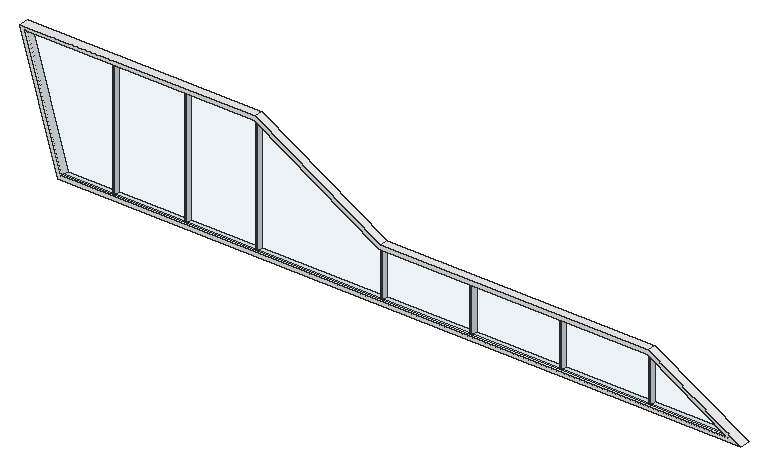
Revit family
Parameters (values of type "표준")
  Height = 2100 mm
  유리 = 유리
  프레임 = 1층 정면창 프레임
  하단 높이 = 900 mm
  프레임 폭 = 30 mm
  창프레임 = ""
  창철물 = ""
  창유리/마감 = ""
  창위치/개소 = ""
  창부호 = "1/ACW"
  창번호 = "1"
  창기호 = "ACW"
  Assembly Code = ""
  Wall Closure = (empty or 0)
Reference planes
  plane 1: y = 0
  plane 2 "중심(왼쪽/오른쪽)": x = 0
  plane 3 "씰": z = 0
  plane 4 "헤드": z = 2100
  plane 5 "외부": y = 150
  plane 6 "내부": y = -150
  plane 7: z = 0
  plane 8: x = -5198.895
  plane 9: z = 900
  plane 10: y = -95
  plane 11: y = -120
  plane 12: x = 2346.105
  plane 13: x = 2316.105
  plane 14: x = 846.105
  plane 15: x = 816.105
  plane 16: x = -3683.895
  plane 17: x = -3653.895
  plane 18: x = 6906.135
  plane 19: x = -3668.895
  plane 20: y = -150
  plane 21: y = -5
  plane 22: y = 0
  plane 23: x = 3831.105
  plane 24: x = 2331.105
  plane 25: x = 831.105
  plane 26: x = -2468.895
  plane 27: x = 8106.135
  plane 28: z = 2400
  plane 29: z = -300
  plane 30: x = -8623.895
  plane 31: x = 5331.105
  plane 32: x = -1268.895
Forms (mm)
  Extrusion 1, solid, material "1층 정면창 프레임" <- "프레임"
    sketch origin (-5000, -150, -200) x (1, 0, 0) y (0, 0, 1)
      loop
        line (-198.895, 2300) -> (431.538, 200) -> (11906.135, 200) -> (10331.105, 1100) -> (5831.105, 1100) -> (3731.105, 2300) -> (-198.895, 2300)
      loop
        line (-118.237, 2240) -> (476.171, 260) -> (11680.198, 260) -> (10315.172, 1040) -> (5815.171, 1040) -> (3715.171, 2240) -> (-118.237, 2240)
    from 0 to -150
  Extrusion 2, solid, material "1층 정면창 프레임" <- "프레임"
    sketch origin (0, 0, -200) x (1, 0, 0) y (0, 1, 0)
      loop
        line (-3653.895, -95) -> (-3653.895, -5) -> (-3683.895, -5) -> (-3683.895, -95) -> (-3653.895, -95)
    from 260 to 2240
  Extrusion 3, solid, material "1층 정면창 프레임" <- "프레임"
    sketch origin (2426.395, 0, -200) x (1, 0, 0) y (0, 1, 0)
      loop
        line (-4910.29, -95) -> (-4880.29, -95) -> (-4880.29, -5) -> (-4910.29, -5) -> (-4910.29, -95)
    from 260 to 2240
  Extrusion 4, solid, material "1층 정면창 프레임" <- "프레임"
    sketch origin (5130.982, 0, -200) x (1, 0, 0) y (0, 1, 0)
      loop
        line (-6414.876, -95) -> (-6384.876, -95) -> (-6384.876, -5) -> (-6414.876, -5) -> (-6414.876, -95)
    from 260 to 2280
  Extrusion 5, solid, material "1층 정면창 프레임" <- "프레임"
    sketch origin (7426.904, 0, -200) x (1, 0, 0) y (0, 1, 0)
      loop
        line (-6610.799, -95) -> (-6580.799, -95) -> (-6580.799, -5) -> (-6610.799, -5) -> (-6610.799, -95)
    from 260 to 1040
  Extrusion 6, solid, material "1층 정면창 프레임" <- "프레임"
    sketch origin (9365.427, 0, -200) x (1, 0, 0) y (0, 1, 0)
      loop
        line (-7049.322, -95) -> (-7019.322, -95) -> (-7019.322, -5) -> (-7049.322, -5) -> (-7049.322, -95)
    from 260 to 1040
  Extrusion 7, solid, material "1층 정면창 프레임" <- "프레임"
    sketch origin (10903.95, 0, -200) x (1, 0, 0) y (0, 1, 0)
      loop
        line (-7087.845, -95) -> (-7057.845, -95) -> (-7057.845, -5) -> (-7087.845, -5) -> (-7087.845, -95)
    from 260 to 1040
  Extrusion 8, solid, material "1층 정면창 프레임" <- "프레임"
    sketch origin (12782.473, 0, -200) x (1, 0, 0) y (0, 1, 0)
      loop
        line (-7466.368, -95) -> (-7436.368, -95) -> (-7436.368, -5) -> (-7466.368, -5) -> (-7466.368, -95)
    from 260 to 1040
  Extrusion 9, solid, material "유리" <- "유리"
    sketch origin (8670.094, -120, 800) x (1, 0, 0) y (0, 0, 1)
      loop
        line (-13788.331, 1240) -> (-13193.923, -740) -> (-12338.988, -740) -> (-12338.988, 1240) -> (-13788.331, 1240)
      loop
        line (-11138.988, 1240) -> (-11138.988, -740) -> (-9938.988, -740) -> (-9938.988, 1240) -> (-11138.988, 1240)
      loop
        line (-3338.988, -740) -> (-3338.988, 30.895) -> (-3354.922, 40) -> (-3578.122, 40) -> (-4838.988, 40) -> (-4838.988, -740) -> (-3338.988, -740)
      loop
        line (-7838.988, -740) -> (-6338.988, -740) -> (-6338.988, 40) -> (-7838.988, 40) -> (-7838.988, -740)
    from -25 to 0
  Extrusion 10, solid, material "유리" <- "유리"
    sketch origin (8670.094, -120, 800) x (1, 0, 0) y (0, 0, 1)
      loop
        line (-12338.988, 1240) -> (-12338.988, -740) -> (-11138.988, -740) -> (-11138.988, 1240) -> (-12338.988, 1240)
      loop
        line (-1989.896, -740) -> (-3338.988, 30.895) -> (-3338.988, -740) -> (-1989.896, -740)
      loop
        line (-7838.988, 40) -> (-7854.922, 40) -> (-9938.988, 1230.895) -> (-9938.988, -740) -> (-7838.988, -740) -> (-7838.988, 40)
      loop
        line (-6338.988, -740) -> (-4838.988, -740) -> (-4838.988, 40) -> (-6338.988, 40) -> (-6338.988, -740)
    from -25 to 0
Cuts and joins
  joined: Extrusion 1, Extrusion 2, Extrusion 3, Extrusion 4, Extrusion 5, Extrusion 6, Extrusion 7, Extrusion 8
Lines and regions (mm)
  Opening 1
    outline origin (3500, -150, -200) x (1, 0, 0) y (0, 0, 1)
      loop
        line (3406.135, 200) -> (1831.105, 1100) -> (-2668.895, 1100) -> (-4768.895, 2300) -> (-8698.895, 2300) -> (-8068.462, 200) -> (3406.135, 200)
  symbolic lines
    curve 1: line (6911.135, 150, 2105) -> (-5203.895, 150, 2105)
    curve 2: line (-5193.895, 150, 2095) -> (-5193.895, 150, 5)
    curve 3: line (-5198.895, 150, 2400) -> (-5198.895, 150, -300)
    curve 4: line (-5203.895, 150, 2105) -> (-5203.895, 150, -5)
    curve 5: line (8106.135, 150, 2100) -> (-8623.895, 150, 2100)
    curve 6: line (6901.135, 150, 2095) -> (-5193.895, 150, 2095)
    curve 7: line (6901.135, 150, 2095) -> (6901.135, 150, 5)
    curve 8: line (6906.135, 150, 2400) -> (6906.135, 150, -300)
    curve 9: line (6911.135, 150, 2105) -> (6911.135, 150, -5)
    curve 10: line (6911.135, 150, -5) -> (-5203.895, 150, -5)
    curve 11: line (8106.135, 150, 0) -> (-8623.895, 150, 0)
    curve 12: line (6901.135, 150, 5) -> (-5193.895, 150, 5)
Text (mm)
  text "외부" at (-1963.203, 1332.353, 0), in view "참조 레벨"
  text "내부" at (-1981.466, -818.386, 0), in view "참조 레벨"
  text "외부" at (0, 923.751, 2943.296), in view "오른쪽"
  text "외부" at (0, 1040.484, 2685.409), in view "왼쪽"
Dimensions and locks
  "Height": plane 3 "씰" to plane 4 "헤드"
  plane 3 "씰" to level = 0 mm
  locked: plane 5 "외부" to host wall at 0
  locked: plane 6 "내부" to host wall
  "하단 높이": plane 7 to plane 9
  "프레임 폭": plane 13 to plane 12
  "프레임 폭": plane 15 to plane 14
  locked: plane 20 to plane 6 "내부" at 0
  locked: plane 6 "내부" to plane 11 at 30
  locked: plane 11 to plane 10 at 25
  locked: plane 10 to plane 21 at 90
  locked: plane 22 to plane 20 at 150
  curve 6 to curve 5 to curve 1 = 5 mm locked, 5 mm locked
  curve 2 to curve 3 to curve 4 = 5 mm locked, 5 mm locked
  curve 7 to curve 8 to curve 9 = 5 mm locked, 5 mm locked
  curve 12 to curve 11 to curve 10 = 5 mm locked, 5 mm locked
  cut or joined group 1 (Extrusion 1, Extrusion 2, Extrusion 3, Extrusion 4, Extrusion 5, Extrusion 6, Extrusion 7, Extrusion 8) to plane 31 to cut or joined group 1 = 15 mm, 15 mm
  locked: curve 8 to plane 31 at 1575.03
  locked: cut or joined group 1 to cut or joined group 1 at 60  (x2)
  locked: plane 31 to plane 23 at 1500
  locked: plane 24 to plane 23 at 1500
  locked: plane 25 to plane 24 at 1500
  locked: plane 32 to plane 25 at 2100
  plane 19 to plane 26 = 1200 mm
  curve 8 to plane 8 = 12105.03 mm
  locked: plane 19 to plane 8 at 1530
  curve 8 to host wall = 11474.598 mm
  plane 18 to plane 8 = 12105.03 mm
  locked: plane 19 to plane 17 at 15
  locked: plane 19 to plane 16 at 15
  plane 32 to plane 26 = 1200 mm
  angle cut or joined group 1 to plane 8 = 16.7101°
  aligned and locked: Opening 1 sketch curve to plane 4 "헤드"
  aligned and locked: plane 7 to Extrusion 1 sketch curve
  aligned and locked: plane 9 to Extrusion 1 sketch curve
  aligned and locked: plane 4 "헤드" to Extrusion 1 sketch curve
  aligned and locked: plane 8 to Extrusion 1 sketch curve
  aligned and locked: plane 18 to Extrusion 1 sketch curve
  aligned and locked: plane 17 to Extrusion 2 sketch curve
  aligned and locked: Extrusion 2 sketch curve to plane 16
  aligned and locked: Extrusion 2 to Extrusion 1
  aligned and locked: Extrusion 7 to Extrusion 1
  aligned and locked: Extrusion 6 to Extrusion 1
  aligned and locked: Extrusion 1 to plane 20
  aligned and locked: plane 10 to Extrusion 2 sketch curve
  aligned and locked: Extrusion 2 sketch curve to plane 21
  aligned and locked: Extrusion 3 to plane 21
  aligned and locked: plane 10 to Extrusion 3
  aligned and locked: Extrusion 4 to plane 21
  aligned and locked: plane 10 to Extrusion 4
  aligned and locked: Extrusion 5 to plane 21
  aligned and locked: plane 10 to Extrusion 5
  aligned and locked: Extrusion 6 to plane 21
  aligned and locked: plane 10 to Extrusion 6
  aligned and locked: Extrusion 7 to plane 21
  aligned and locked: plane 10 to Extrusion 7
  aligned and locked: Extrusion 8 to plane 21
  aligned and locked: plane 10 to Extrusion 8
  aligned and locked: Extrusion 1 to plane 22
  aligned and locked: curve 3 to plane 8
  aligned and locked: Extrusion 1 to Extrusion 8
  aligned and locked: Extrusion 5 to Extrusion 1
  aligned and locked: Extrusion 3 to Extrusion 1
Automatic sketch dimensions
  Extrusion 4 sketch curve to plane 21 = 0 mm
  Extrusion 4 sketch curve to plane 10 = 0 mm
  Extrusion 4 sketch curve to plane 32 = 15 mm
  plane 32 to Extrusion 4 sketch curve = 15 mm
  Extrusion 5 sketch curve to plane 15 = 0 mm
  Extrusion 5 sketch curve to plane 14 = 0 mm
  Extrusion 5 sketch curve to plane 10 = 0 mm
  Extrusion 5 sketch curve to plane 21 = 0 mm
  Extrusion 3 sketch curve to plane 21 = 0 mm
  Extrusion 3 sketch curve to plane 10 = 0 mm
  plane 26 to Extrusion 3 sketch curve = 15 mm
  Extrusion 3 sketch curve to plane 26 = 15 mm
  Extrusion 6 sketch curve to plane 13 = 0 mm
  Extrusion 6 sketch curve to plane 12 = 0 mm
  Extrusion 6 sketch curve to plane 10 = 0 mm
  Extrusion 6 sketch curve to plane 21 = 0 mm
  Extrusion 7 sketch curve to plane 21 = 0 mm
  Extrusion 7 sketch curve to plane 10 = 0 mm
  plane 23 to Extrusion 7 sketch curve = 15 mm
  Extrusion 7 sketch curve to plane 23 = 15 mm
  Opening 1 sketch curve to plane 8 = 0 mm
  Opening 1 sketch curve to level = 0 mm
  Opening 1 sketch curve to plane 32 = 0 mm
  Opening 1 sketch curve to plane 9 = 0 mm
  Opening 1 sketch curve to plane 25 = 0 mm
  Opening 1 sketch curve to plane 31 = 0 mm
  Opening 1 sketch curve to plane 18 = 0 mm
  Opening 1 sketch curve to plane 8 = 630.433 mm
  Extrusion 1 sketch curve to plane 32 = 0 mm
  Extrusion 1 sketch curve to plane 25 = 0 mm
  Extrusion 1 sketch curve to plane 31 = 0 mm
  Extrusion 1 sketch curve to plane 8 = 80.658 mm
  Extrusion 1 sketch curve to plane 8 = 630.433 mm
  level to Extrusion 1 sketch curve = 60 mm
  Extrusion 1 sketch curve to Extrusion 1 sketch curve = 44.633 mm
  Extrusion 1 sketch curve to plane 32 = 15.934 mm
  plane 15 to Extrusion 1 sketch curve = 0.934 mm
  Extrusion 1 sketch curve to plane 31 = 15.934 mm
  Extrusion 1 sketch curve to plane 18 = 225.938 mm
  plane 9 to Extrusion 1 sketch curve = 60 mm
  plane 4 "헤드" to Extrusion 1 sketch curve = 60 mm
  Extrusion 8 sketch curve to plane 21 = 0 mm
  Extrusion 8 sketch curve to plane 10 = 0 mm
  Extrusion 8 sketch curve to plane 31 = 15 mm
  plane 31 to Extrusion 8 sketch curve = 15 mm
  Extrusion 9 sketch curve to plane 19 = 0 mm
  Extrusion 9 sketch curve to plane 26 = 0 mm
  Extrusion 9 sketch curve to plane 32 = 0 mm
  Extrusion 9 sketch curve to plane 25 = 0 mm
  Extrusion 9 sketch curve to plane 24 = 0 mm
  Extrusion 9 sketch curve to plane 23 = 0 mm
  Extrusion 9 sketch curve to plane 31 = 0 mm
  level to Extrusion 9 sketch curve = 60 mm  (x4)
  Extrusion 9 sketch curve to plane 8 = 675.066 mm
  Extrusion 9 sketch curve to plane 8 = 80.658 mm
  plane 9 to Extrusion 9 sketch curve = 60 mm  (x2)
  Extrusion 9 sketch curve to plane 31 = 239.134 mm
  Extrusion 9 sketch curve to plane 31 = 15.934 mm
  Extrusion 9 sketch curve to Extrusion 9 sketch curve = 9.105 mm
  plane 4 "헤드" to Extrusion 9 sketch curve = 60 mm  (x2)
  Extrusion 10 sketch curve to plane 19 = 0 mm
  Extrusion 10 sketch curve to plane 26 = 0 mm
  Extrusion 10 sketch curve to plane 32 = 0 mm
  Extrusion 10 sketch curve to plane 25 = 0 mm
  Extrusion 10 sketch curve to plane 24 = 0 mm
  Extrusion 10 sketch curve to plane 23 = 0 mm
  Extrusion 10 sketch curve to plane 31 = 0 mm
  plane 15 to Extrusion 10 sketch curve = 0.934 mm
  level to Extrusion 10 sketch curve = 60 mm  (x4)
  Extrusion 10 sketch curve to plane 18 = 225.938 mm
  plane 9 to Extrusion 10 sketch curve = 69.105 mm
  plane 9 to Extrusion 10 sketch curve = 60 mm  (x2)
  plane 4 "헤드" to Extrusion 10 sketch curve = 69.105 mm
  plane 4 "헤드" to Extrusion 10 sketch curve = 60 mm
  curve 5 to plane 4 "헤드" = 0 mm
  curve 5 to plane 30 = 0 mm
  curve 11 to level = 0 mm
  curve 11 to plane 30 = 0 mm
  curve 5 to plane 27 = 0 mm
  curve 11 to plane 27 = 0 mm
  curve 3 to plane 29 = 0 mm
  curve 8 to plane 29 = 0 mm
  curve 3 to plane 28 = 0 mm
  curve 8 to plane 28 = 0 mm
